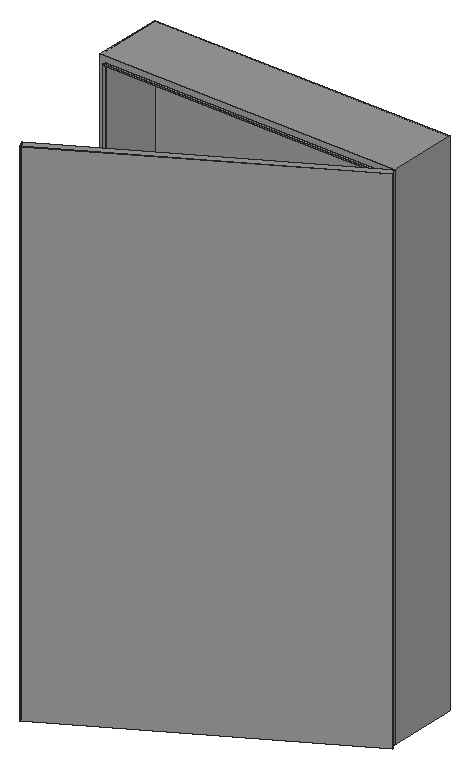
Revit family "Hager-Univers-IP44-D205-H1400-Cl.II-Encl-NoHosted-PT-pt", category Electrical Equipment, Revit 2020
Family settings
  Panel Configuration = Two Columns, Circuits Across
  Round Connector Dimension = Use Diameter
  Part Type = Panelboard
  Work Plane-Based = Yes
  Always vertical = Yes
  Cut with Voids When Loaded = No
  Shared = No
  Room Calculation Point = No
Parameters (values of type "Montagem em superfície (gesso) IP44 L800 A1400 P205  - FP93SN2")
  Width Control [instance] = if([EF000008 - Largura] > Min Width, [EF000008 - Largura], Min Width)  # 800 mm
  Type Comments = [HG000003 - Gama]  # "Univers"
  Thickness Door [instance] = if([EF009171 - Espessura do material da porta/tampa] > 3 mm, 3 mm, [EF009171 - Espessura do material da porta/tampa])  # 1 mm
  Seal Frame Offset [instance] = 17 mm  # constant formula
  Plinth Visibility [instance] = [HG000027 - Altura da Plinta] > 0 mm  # no
  Min Width [instance] = 100 mm  # constant formula
  Min Depth [instance] = (2 * [EF009170 - Espessura do material do invólucro]) + 1 mm  # 3 mm
  Min Height [instance] = 100 mm  # constant formula
  Internal Frame Depth [instance] = (Door System Depth * 0.5)  # 9 mm
  Panel Name [instance] = ""  # (empty or 0)
  Model = ""
  HG000027 - Altura da Plinta = 0 mm
  HG000026 - Instalação no chão = no
  HG000024 - Altura da secção inferior = 600 mm
  HG000023 - Recinto de secção dupla = no
  HG000016 - Visibilidade da porta 3D [instance] = yes
  HG000015 - Visibilidade através da porta [instance] = no
  HG000014 - Porta à direita [instance] = yes
  HG000013 - Porta à esquerda [instance] = not([HG000014 - Porta à direita])  # no
  HG000012 - Ângulo de abertura de porta [instance] = 30.00°
  HG000010 - Portas assimétricas = no
  HG000009 - Porta dupla = no
  HG000006 - Encastrado = no
  HG000004 - Referência do Fabricante = "FP93SN2"
  HG000003 - Gama = "Univers"
  HG000002 - Com porta ou tampa = yes
  Frame Offset Bottom [instance] = 10 mm  # constant formula
  Frame Offset [instance] = 15 mm  # constant formula
  EF015940 - Tampa com libertação de sobrepressão = no
  EF011959 - Grau de proteção (NEMA) = ""
  EF009554 - Número de aberturas para placas de flange = 6
  EF009212 - Tipo de tampa = "EV000116 - Fechado"
  EF009171 - Espessura do material da porta/tampa = 1 mm
  EF009170 - Espessura do material do invólucro = 1 mm
  EF008873 - Corrente nominal (In) = 250 A
  EF007800 - Adequado para proteção contra raios = no
  EF006306 - Com fecho = no
  EF006244 - Tampa/porta transparente = no
  EF005474 - Grau de proteção (IP) = "EV006418 - IP44"
  EF004464 - Tipo de porta = "EV002646 - Único"
  EF004427 - Número de módulos = 324
  EF004293 - Força de impacto = "EV006815 - IK09"
  EF003532 - Adequado para uso no exterior = no
  EF002950 - Largura em número de módulos = 36
  EF001613 - Integridade do circuito = "EV000494 - Nenhum"
  EF001596 - Material do corpo = "EV000179 - Aço"
  EF001131 - Profundidade interior = 143 mm
  EF001088 - Extensão possível = yes
  EF000437 - Número de entradas de condutores = 6
  EF000339 - Tipo de difusor = "EV001012 - Tampa"
  EF000266 - Número de linhas = 9
  EF000218 - Profundidade incorporada = 205 mm
  EF000118 - Com tampa de montagem = no
  EF000116 - Número RAL = "9010"
  EF000049 - Profundidade = 205 mm
  EF000040 - Altura = 1400 mm
  EF000008 - Largura = 800 mm
  EF000007 - Cor = "EV000202 - Branco"
  EF000003 - Método de montagem = "EV000384 - Montagem em superfície (gesso)"
  Door System Leaf Tolerance [instance] = 1.5 mm  # constant formula
  Door System Depth [instance] = 18 mm  # constant formula
  Door Height [instance] = Height Control - [HG000027 - Altura da Plinta]  # 1400 mm
  Description = ""
  Default Elevation = 1219.2 mm
  Connector Offset [instance] = Height Control / 2  # 700 mm
  Manufacturer = "Hager"  # constant formula
  Height Control [instance] = if([EF000040 - Altura] > Min Height, [EF000040 - Altura], Min Height)  # 1400 mm
  Depth Control [instance] = if([EF000049 - Profundidade] > Min Depth, [EF000049 - Profundidade], Min Depth)  # 205 mm
  Bottom Top Plate Trim [instance] = 1.5 mm  # constant formula
  Plinth height Ctrl [instance] = if([HG000027 - Altura da Plinta] > 0 mm, [HG000027 - Altura da Plinta], 12 mm)  # 12 mm
Types (5, lengths in mm): name | Width Control | HG000010 - Portas assimétricas | HG000009 - Porta dupla | HG000004 - Referência do Fabricante | EF009554 - Número de aberturas para placas de flange | EF004464 - Tipo de porta | EF004427 - Número de módulos | EF002950 - Largura em número de módulos | EF001131 - Profundidade interior | EF000437 - Número de entradas de condutores | EF000339 - Tipo de difusor | EF000008 - Largura
  Montagem em superfície (gesso) IP44 L1050 A1400 P205  - FP94SN2 | 1050 | no | yes | "FP94SN2" | 8 | "EV003602 - Duplo" | 432 | 48 | 143 | 8 | "EV001012 - Tampa" | 1050
  Montagem em superfície (gesso) IP44 L1300 A1400 P205  - FP95SN2 | 1300 | yes | yes | "FP95SN2" | 10 | "EV003602 - Duplo" | 540 | 60 | 130 | 10 | "EV004216 - Porta" | 1300
  Montagem em superfície (gesso) IP44 L300 A1400 P205  - FP91SN2 | 300 | no | no | "FP91SN2" | 2 | "EV002646 - Único" | 108 | 12 | 143 | 2 | "EV001012 - Tampa" | 300
  Montagem em superfície (gesso) IP44 L550 A1400 P205  - FP92SN2 | 550 | no | no | "FP92SN2" | 4 | "EV002646 - Único" | 216 | 24 | 143 | 4 | "EV001012 - Tampa" | 550
  Montagem em superfície (gesso) IP44 L800 A1400 P205  - FP93SN2 | 800 | no | no | "FP93SN2" | 6 | "EV002646 - Único" | 324 | 36 | 143 | 6 | "EV001012 - Tampa" | 800
Reference planes
  plane 1 "Center (Front/Back)": y = 0
  plane 2: z = 0
  plane 3 "Center (Left/Right)": x = 0
  plane 4: y = 0
  plane 5: y = 0
  plane 6: z = 0
  plane 7: x = -400
  plane 8: x = 400
  plane 9: x = 399
  plane 10: x = -399
  plane 11: z = 0
  plane 12: z = 1
  plane 13: y = -205
  plane 14: y = -1
  plane 15: x = 0
  plane 16: y = -187
  plane 17: y = -204
  plane 18: y = -186
  plane 19: x = -384
  plane 20: x = 384
  plane 21: z = 11
  plane 22: x = -383
  plane 23: x = 383
  plane 24: z = 0
  plane 25: z = 1400
  plane 26: z = 1400
  plane 27: z = 1384
  plane 28: z = 1399
Forms (mm)
  Extrusion 1, solid, material "Hager_Steel_RAL7035_Light_Grey", detail levels medium+fine
    sketch origin (-208.679, -4572, 0) x (-1, 0, 0) y (0, -1, 0)
      loop
        line (191.321, -4385) -> (-608.679, -4385) -> (-608.679, -4572) -> (191.321, -4572) -> (191.321, -4385)
    from 0 to 1400
  Extrusion 2, void
    sketch origin (-350.771, -205, 1219.2) x (1, 0, 0) y (0, 0, 1)
      loop
        line (-48.229, 179.8) -> (-48.229, -1218.2) -> (749.771, -1218.2) -> (749.771, 179.8) -> (-48.229, 179.8)
    from -19 to -204
  Extrusion 3, void
    sketch origin (-290.084, -187, 1219.2) x (1, 0, 0) y (0, 0, 1)
      loop
        line (-93.916, -1208.2) -> (674.084, -1208.2) -> (674.084, 164.8) -> (-93.916, 164.8) -> (-93.916, -1208.2)
    from 0 to -1
  Extrusion 4, solid, material "Hager_Steel_RAL7035_Light_Grey", visible <- "Plinth Visibility", detail levels medium+fine
    sketch origin (0, 0, 0) x (1, 0, 0) y (0, 1, 0)
      loop
        line (-400, 0) -> (-400, -187) -> (400, -187) -> (400, 0) -> (-400, 0)
    from 0 to 12 <- "Plinth height Ctrl"
  Extrusion 5, solid, material "Hager_Steel_RAL7035_Light_Grey", detail levels coarse
    sketch origin (0, 0, 0) x (1, 0, 0) y (0, 1, 0)
      loop
        line (-400, 0) -> (-400, -205) -> (400, -205) -> (400, 0) -> (-400, 0)
    from 0 to 1400 <- "Height Control"
  Sweep 6, void
    path in 3D
      loop
        line (-400, -187, 12) -> (400, -187, 12) -> (400, 0, 12) -> (-400, 0, 12) -> (-400, -187, 12)
    profile origin (-400, -93.5, 12) x (1, 0, 0) y (0, 0, 1)
      loop
        line (0, 0) -> (0, -1.5) -> (1.5, -1.5)
        arc (1.5, -1.5) -> (1.061, -0.439) -> (0, 0) r 1.5
  Extrusion 7, solid, material "Hager_Steel_RAL7035_Light_Grey", detail levels fine
    sketch origin (-400, -187, 0) x (1, 0, 0) y (0, 0, 1)
      loop
        line (16, 11) -> (784, 11) -> (784, 1384) -> (16, 1384) -> (16, 11)
      loop
        line (15, 10) -> (785, 10) -> (785, 1385) -> (15, 1385) -> (15, 10)
    from 0 to 9 <- "Internal Frame Depth"
Cuts and joins
  Extrusion 2, Extrusion 3 cuts Extrusion 1
  Sweep 6 cuts Extrusion 4
Lines and regions (mm)
  Masking region 1
    outline origin (0, 0, 0) x (1, 0, 0) y (0, 1, 0)
      loop
        line (-400, 0) -> (-400, -205) -> (400, -205) -> (400, 0) -> (-400, 0)
  Masking region 2, detail levels coarse
    outline origin (-290.084, -187, 1219.2) x (-1, 0, 0) y (0, 0, 1)
      loop
        line (-690.084, -1219.2) -> (109.916, -1219.2) -> (109.916, 180.8) -> (-690.084, 180.8) -> (-690.084, -1219.2)
  Masking region 3, detail levels coarse
    outline origin (0, 0, 0) x (0, 1, 0) y (0, 0, 1)
      loop
        line (0, 0) -> (0, 1400) -> (-205, 1400) -> (-205, 0) -> (0, 0)
  Masking region 4, visible <- "Plinth Visibility", detail levels medium+fine
    outline origin (0, 0, 0) x (0, 1, 0) y (0, 0, 1)
      loop
        line (-1.5, 12) -> (-185.5, 12)
        arc (-185.5, 12) -> (-185.939, 10.939) -> (-187, 10.5) r 1.5
        line (-187, 10.5) -> (-187, 0) -> (0, 0) -> (0, 10.5)
        arc (0, 10.5) -> (-1.061, 10.939) -> (-1.5, 12) r 1.5
  Masking region 5, detail levels medium+fine
    outline origin (0, 0, 594.038) x (0, 1, 0) y (0, 0, 1)
      loop
        line (0, -594.038) -> (0, 805.962) -> (-187, 805.962) -> (-187, -594.038) -> (0, -594.038)
  Masking region 6, detail levels medium+fine
    outline origin (-359.7, -187, 1211.883) x (-1, 0, 0) y (0, 0, 1)
      loop
        line (-759.7, -1211.883) -> (40.3, -1211.883) -> (40.3, 188.117) -> (-759.7, 188.117) -> (-759.7, -1211.883)
  Masking region 7, visible <- "Plinth Visibility", detail levels medium+fine
    outline origin (-320.334, -187, 1041.368) x (-1, 0, 0) y (0, 0, 1)
      loop
        line (-720.334, -1041.368) -> (79.666, -1041.368) -> (79.666, -1030.868)
        arc (79.666, -1030.868) -> (78.606, -1030.429) -> (78.166, -1029.368) r 1.5
        line (78.166, -1029.368) -> (-718.834, -1029.368)
        arc (-718.834, -1029.368) -> (-719.273, -1030.429) -> (-720.334, -1030.868) r 1.5
        line (-720.334, -1030.868) -> (-720.334, -1041.368)
  sketch lines
    curve 1: line (-400, 0, 12) -> (-400, -187, 12)
    curve 2: line (-400, -187, 12) -> (400, -187, 12)
    curve 3: line (400, 0, 12) -> (-400, 0, 12)
    curve 4: line (400, -187, 12) -> (400, 0, 12)
Dimensions and locks
  locked: plane 1 "Center (Front/Back)" to plane 5
  "EF009170 - Espessura do material do invólucro": plane 7 to plane 10
  "EF009170 - Espessura do material do invólucro": plane 8 to plane 9
  equal spacing: plane 7, plane 3 "Center (Left/Right)", plane 8
  "Width Control": plane 7 to plane 8
  "Depth Control": plane 4 to plane 13
  "EF009170 - Espessura do material do invólucro": plane 4 to plane 14
  "Height Control": plane 25 to level
  "HG000027 - Altura da Plinta": plane 11 to level
  "EF009170 - Espessura do material do invólucro": plane 12 to plane 11
  "EF009170 - Espessura do material do invólucro": plane 17 to plane 13
  "EF009170 - Espessura do material do invólucro": plane 18 to plane 16
  "Frame Offset Bottom": plane 21 to plane 12
  "Frame Offset": plane 10 to plane 19
  "Frame Offset": plane 9 to plane 20
  "Door System Depth": plane 16 to plane 13
  "Seal Frame Offset": plane 7 to plane 22
  "Seal Frame Offset": plane 8 to plane 23
  "EF009170 - Espessura do material do invólucro": plane 26 to plane 28
  "Frame Offset": plane 28 to plane 27
  "Connector Offset": plane 2 to connector elem
  "Bottom Top Plate Trim": profile plane to Sweep 6 sketch curve
  "Bottom Top Plate Trim": Sweep 6 sketch curve to Sweep 6 sketch curve
  "Plinth height Ctrl": Masking region 4 sketch curve to level
  "Plinth height Ctrl": Masking region 7 sketch curve to level
  "Thickness Door": Extrusion 7 sketch curve to Extrusion 7 sketch curve  (x4)
  "Bottom Top Plate Trim": radius of Sweep 6 sketch curve
  "Bottom Top Plate Trim": radius of Masking region 4 sketch curve  (x2)
  "Bottom Top Plate Trim": radius of Masking region 7 sketch curve  (x2)
  aligned and locked: Extrusion 2 sketch curve to plane 12
  aligned and locked: Extrusion 2 sketch curve to plane 9
  aligned and locked: Extrusion 2 sketch curve to plane 10
  aligned and locked: Extrusion 2 to plane 14
  aligned and locked: Extrusion 1 sketch curve to plane 4
  aligned and locked: plane 8 to Extrusion 1 sketch curve
  aligned and locked: plane 7 to Extrusion 1 sketch curve
  aligned and locked: Extrusion 2 to plane 18
  aligned and locked: Extrusion 3 sketch curve to plane 19
  aligned and locked: plane 20 to Extrusion 3 sketch curve
  aligned and locked: Extrusion 3 to Extrusion 2
  aligned and locked: Extrusion 3 sketch curve to plane 21
  aligned and locked: plane 3 "Center (Left/Right)" to nested 1
  aligned and locked: Extrusion 1 sketch curve to plane 16
  aligned and locked: Extrusion 4 sketch curve to cut or joined group of Extrusion 1, Extrusion 2, Extrusion 3
  aligned and locked: Masking region 1 sketch curve to plane 7
  aligned and locked: Masking region 1 sketch curve to plane 5
  aligned and locked: Masking region 1 sketch curve to plane 8
  aligned and locked: Masking region 2 sketch curve to level
  aligned and locked: level to Masking region 3 sketch curve
  aligned and locked: plane 1 "Center (Front/Back)" to Masking region 3 sketch curve
  aligned and locked: plane 13 to Masking region 3 sketch curve
  aligned and locked: plane 5 to Masking region 4 sketch curve
  aligned and locked: Masking region 2 sketch curve to plane 8
  aligned and locked: Masking region 2 sketch curve to plane 7
  aligned and locked: plane 7 to nested 2
  aligned and locked: nested 2 to plane 5
  aligned and locked: plane 5 to Masking region 5 sketch curve
  aligned and locked: plane 26 to Masking region 5 sketch curve
  aligned and locked: Extrusion 5 sketch curve to plane 8
  aligned and locked: Extrusion 5 sketch curve to plane 7
  aligned and locked: Extrusion 5 sketch curve to plane 5
  aligned and locked: Extrusion 3 sketch curve to plane 27
  aligned and locked: Extrusion 2 sketch curve to plane 28
  aligned and locked: Masking region 2 to plane 25
  aligned and locked: Extrusion 4 to plane 16
  aligned and locked: profile plane to Sweep 6 sketch curve
  aligned and locked: Masking region 5 sketch curve to plane 24
  aligned and locked: level to Masking region 4 sketch curve
  aligned and locked: Masking region 1 to plane 13
  aligned and locked: nested 1 to plane 16
  aligned and locked: Masking region 3 to plane 25
  aligned and locked: plane 16 to Masking region 4 sketch curve
  aligned and locked: Masking region 5 sketch curve to plane 16
  aligned and locked: plane 24 to plane 11
  aligned and locked: plane 26 to plane 25
  aligned and locked: plane 26 to cut or joined group of Extrusion 1, Extrusion 2, Extrusion 3
  aligned and locked: nested 1 to plane 24
  aligned and locked: Extrusion 1 to Extrusion 3
  aligned and locked: Masking region 6 sketch curve to plane 8
  aligned and locked: Masking region 6 sketch curve to plane 24
  aligned and locked: Masking region 6 sketch curve to plane 7
  aligned and locked: Masking region 6 sketch curve to plane 26
  aligned and locked: Masking region 7 sketch curve to plane 7
  aligned and locked: level to Masking region 7 sketch curve
  aligned and locked: Masking region 7 sketch curve to plane 8
  aligned and locked: Extrusion 7 sketch curve to cut or joined group of Extrusion 1, Extrusion 2, Extrusion 3  (x4)
Automatic sketch dimensions
  plane 19 to Extrusion 3 sketch curve = 0 mm
  Extrusion 3 sketch curve to plane 20 = 0 mm
  Extrusion 3 sketch curve to plane 21 = 0 mm
  Extrusion 4 sketch curve to plane 7 = 0 mm
  Extrusion 4 sketch curve to plane 8 = 0 mm
  Extrusion 4 sketch curve to plane 16 = 0 mm
  Masking region 1 sketch curve to plane 13 = 0 mm
  Masking region 2 sketch curve to plane 25 = 0 mm
  Masking region 3 sketch curve to plane 25 = 0 mm
  Extrusion 5 sketch curve to plane 13 = 0 mm
  profile plane to Sweep 6 sketch curve = 0 mm
Nested families
  nested 1: "EC000058_Univers_Door" at (0, -187, 0), Double <- "HG000009 - Porta dupla", Transparent <- "EF006244 - Tampa/porta transparente", Angle <- "HG000012 - Ângulo de abertura de porta", Door_Right <- "HG000014 - Porta à direita", Assymetrical <- "HG000010 - Portas assimétricas", Door <- "HG000002 - Com porta ou tampa", Width_Ctrl <- "Width Control", 3d_Door <- "HG000016 - Visibilidade da porta 3D", Clearance <- "HG000015 - Visibilidade através da porta", Door_Left <- "HG000013 - Porta à esquerda", Width <- "Width Control", Door_Depth <- "Door System Depth", Leaf_Tolerance <- "Door System Leaf Tolerance", Height <- "Door Height", Lock_Visibility <- "EF006306 - Com fecho", Thickness <- "Thickness Door", type "EC000058_Univers_Door", detail levels medium+fine
    with min_wh 3 mm, Width_Ctrl 800 mm, Width 800 mm, Transparent no, Thickness 1 mm, Seal_Material Hager_Rubber, Lock_Visibility no, Lock_Material Hager_Plastic_RAL9005_Jet_Black, Leaf_Width 800 mm, Leaf_Tolerance_External_Sides 0 mm, Leaf_Tolerance 1.5 mm, Leaf_Offset 0 mm, Leaf_Height 1397 mm, Leaf_2_Width 800 mm, Leaf_2_Offset 400 mm, Leaf_1_Width 800 mm, Leaf_1_Offset 400 mm, Height_Ctrl 1400 mm, Height 1400 mm, Glass_Material Hager_Glass, Double_Clearance_Ctrl no, Double no, Door_Right_Ctrl yes, Door_Right yes, Door_Material Hager_Steel_RAL7035_Light_Grey, Door_Left_Ctrl no, Door_Left no, Door_Depth 18 mm, Door yes, Clearance_Material Hager_Clearance, Clearance_Depth 800 mm, Clearance_Ctrl no, Clearance no, Assymetrical no, Angle 30.00°, 3d_Door yes
  nested 2: "Hager_Enclosure_Symbol" at (-400, 0, 0), Height <- "Depth Control", Width <- "Width Control", type "Hager_Enclosure_Symbol"
    with Width_Ctrl 800 mm, Width 800 mm, Height_Ctrl 205 mm, Height 205 mm, A_Width_Int 13.453 mm, A_Width 161.438 mm, A_Height_Ctrl 179.375 mm, A_Height 179.375 mm
Connectors
  electrical at (0, 0, 700)
    settings: on plane 1 "Center (Front/Back)", index 1, voltage 0 V, apparent load 0 VA, apparent load phase1 0 VA, apparent load phase2 0 VA, apparent load phase3 0 VA, power factor 1, load classification "Other", number of poles 1, system type 30, power factor state 1, is connector primary yes, connector utility no, sub classification motor no, connector description ""
Definition of nested family "EC000058_Univers_Door"
  Parameters (values of type "EC000058_Univers_Door")
    min_wh [instance] = (2 * Thickness) + 1 mm  # 11 mm
    Width_Ctrl [instance] = 400 mm
    Width [instance] = 500 mm
    Transparent [instance] = yes
    Thickness [instance] = 5 mm
    Seal_Material [instance] = none
    Lock_Visibility [instance] = yes
    Lock_Material [instance] = none
    Leaf_Width [instance] = if((Width_Ctrl - 2 * Leaf_Tolerance_External_Sides) > 0 mm, (Width_Ctrl - 2 * Leaf_Tolerance_External_Sides), min_wh)  # 400 mm
    Leaf_Tolerance_External_Sides [instance] = 0 mm  # constant formula
    Leaf_Tolerance [instance] = 1.5 mm
    Leaf_Offset [instance] = 0 mm  # constant formula
    Leaf_Height [instance] = if((Height_Ctrl - 2 * Leaf_Tolerance) > 0 mm, (Height_Ctrl - 2 * Leaf_Tolerance), min_wh)  # 497 mm
    Leaf_2_Width [instance] = if(and(and(Double, Assymetrical), Door_Left), (Leaf_Width / 3) - (Leaf_Tolerance / 2), if(and(and(Double, Assymetrical), Door_Right), (Leaf_Width / 3) * 2 - (Leaf_Tolerance / 2), if(and(Double, not(Assymetrical)), (Leaf_Width / 2) - Leaf_Tolerance, Leaf_Width)))  # 400 mm
    Leaf_2_Offset [instance] = if(and(Double, Assymetrical), Leaf_2_Width / 2, if(and(Double, not(Assymetrical)), Leaf_Width / 4, Leaf_Width / 2))  # 200 mm
    Leaf_1_Width [instance] = if(and(and(Double, Assymetrical), Door_Right), (Leaf_Width / 3) - (Leaf_Tolerance / 2), if(and(and(Double, Assymetrical), Door_Left), (Width / 3) * 2 - (Leaf_Tolerance / 2), if(and(Double, not(Assymetrical)), (Leaf_Width / 2) - Leaf_Tolerance, Leaf_Width)))  # 400 mm
    Leaf_1_Offset [instance] = if(and(Double, Assymetrical), Leaf_1_Width / 2, if(and(Double, not(Assymetrical)), Leaf_Width / 4, Leaf_Width / 2))  # 200 mm
    Height_Ctrl [instance] = if(Height > min_wh, Height, min_wh)  # 500 mm
    Height [instance] = 500 mm
    Glass_Material [instance] = none
    Double_Clearance_Ctrl [instance] = and(Double, Clearance)  # no
    Double [instance] = no
    Door_Right_Ctrl [instance] = and(or(Door_Right, Double), Door)  # yes
    Door_Right [instance] = yes
    Door_Material [instance] = none
    Door_Left_Ctrl [instance] = and(or(Door_Left, Double), Door)  # no
    Door_Left [instance] = no
    Door_Depth [instance] = 30 mm
    Door [instance] = yes
    Default Elevation = 1219.2 mm
    Clearance_Material [instance] = none
    Clearance_Depth [instance] = if(Leaf_1_Width > Leaf_2_Width, Leaf_1_Width, Leaf_2_Width)  # 400 mm
    Clearance_Ctrl [instance] = and(not(Double), Clearance)  # yes
    Clearance [instance] = yes
    Assymetrical [instance] = yes
    Angle [instance] = 30.00°
    3d_Door [instance] = yes
  Reference planes
    plane 1 "Center (Front/Back)": y = 0
    plane 2 "Bottom": z = 0
    plane 3 "Center (Left/Right)": x = 0
    plane 4: z = 500
    plane 5: x = -200
    plane 6: x = 200
    plane 7: z = 500
    plane 8: x = -200
    plane 9: z = 0
    plane 10: x = 200
    plane 11: y = 0
    plane 12: z = 1.5
    plane 13: x = -600
    plane 14: y = -400
    plane 15: x = 600
    plane 16: x = 0
    plane 17: x = 0
    plane 18: x = -200
    plane 19: x = 200
    plane 20: z = 498.5
  Forms (mm)
    Extrusion 1, solid, material <- "Clearance_Material", visible <- "Double_Clearance_Ctrl"
      sketch origin (1200, 0, 0) x (1, 0, 0) y (0, 0, -1)
        loop
          line (-1800, -498.5) -> (-600, -498.5) -> (-600, 0) -> (-1800, 0) -> (-1800, -498.5)
      from 0 to -400
  Dimensions and locks
    equal spacing: plane 5, plane 3 "Center (Left/Right)", plane 6
    "Width_Ctrl": plane 5 to plane 6
    "Leaf_Offset": plane 5 to plane 8
    "Leaf_Offset": plane 6 to plane 10
    "Leaf_Offset": plane 9 to level
    "Leaf_Offset": plane 4 to plane 7
    "Height_Ctrl": plane 4 to level
    "Leaf_Tolerance": plane 12 to plane 9
    locked: plane 11 to plane 1 "Center (Front/Back)"
    "Leaf_1_Offset": plane 18 to plane 16
    "Leaf_2_Offset": plane 17 to plane 19
    "Leaf_1_Width": plane 13 to plane 8
    "Leaf_2_Width": plane 10 to plane 15
    "Clearance_Depth": plane 14 to plane 1 "Center (Front/Back)"
    "Leaf_Tolerance_External_Sides": plane 8 to plane 18
    "Leaf_Tolerance_External_Sides": plane 19 to plane 10
    "Leaf_Tolerance": plane 7 to plane 20
    aligned and locked: level to plane 2 "Bottom"
    aligned and locked: nested 1 to plane 16
    aligned and locked: nested 2 to plane 17
    aligned and locked: Extrusion 1 to plane 13
    aligned and locked: plane 15 to Extrusion 1
    aligned and locked: Extrusion 1 to plane 14
    aligned and locked: plane 12 to nested 1
    aligned and locked: nested 2 to plane 12
    aligned and locked: Extrusion 1 to plane 11
    aligned and locked: plane 20 to Extrusion 1
    aligned and locked: nested 2 to plane 11
    aligned and locked: nested 1 to plane 11
  Automatic sketch dimensions
    Extrusion 1 sketch curve to level = 0 mm
    plane 5 to Extrusion 1 sketch curve = 400 mm
    plane 6 to Extrusion 1 sketch curve = 400 mm
    Extrusion 1 sketch curve to plane 4 = 1.5 mm
  Nested families
    nested 1: "EC000058_Univers_Door_Leaf" at (0, 0, 1.5), Width <- "Leaf_1_Width", visible <- "Door_Left_Ctrl", Leaf_Height <- "Leaf_Height", Angle <- "Angle", 3d_Door <- "3d_Door", Transparent <- "Transparent", Clearance Material <- "Clearance_Material", Clearance <- "Clearance_Ctrl", Door_Material <- "Door_Material", Glass_Material <- "Glass_Material", Door_Depth <- "Door_Depth", Lock_Material <- "Lock_Material", Seal_Material <- "Seal_Material", Lock_Visibility <- "Lock_Visibility", Thickness <- "Thickness", type "EC000058_Univers_Door_Leaf"
      with Width 400 mm, Transparent_Glass_Offset 30 mm, Transparent_Ctrl yes, Transparent yes, Thickness 5 mm, Standard no, Seal_Material none, Seal_D2 8 mm, Seal_D1 1 mm, Offset_Internal_Frame 10 mm, Lock_Width 20 mm, Lock_Visibility_3d yes, Lock_Visibility yes, Lock_Thickness_3 3 mm, Lock_Thickness_2 1 mm, Lock_Thickness_1 3 mm, Lock_Radius_Offset_2 16 mm, Lock_Radius_Offset_1 15 mm, Lock_Radius_2 5 mm, Lock_Radius 6 mm, Lock_Offset 5 mm, Lock_Material none, Lock_Height 80 mm, Lock_Cover_Top_Offset_2d 17 mm, Lock_Cover_Height -65 mm, Leaf_Height 497 mm, Internal_Seal_Thickness 8 mm, Internal_Seal_Depth_2 4.5 mm, Internal_Frame_Depth 25 mm, Glass_Thickness -1 mm, Glass_Offset -2 mm, Glass_Material none, Door_Material none, Door_Depth 30 mm, Clearance Material none, Clearance yes, Angle_Ctrl 30.00°, Angle 30.00°, 3d_Door yes
    nested 2: "EC000058_Univers_Door_Leaf" at (0, 0, 1.5) x (-1, 0, 0) z (0, 0, 1), Width <- "Leaf_2_Width", visible <- "Door_Right_Ctrl", Leaf_Height <- "Leaf_Height", Angle <- "Angle", 3d_Door <- "3d_Door", Transparent <- "Transparent", Clearance Material <- "Clearance_Material", Clearance <- "Clearance_Ctrl", Door_Material <- "Door_Material", Glass_Material <- "Glass_Material", Door_Depth <- "Door_Depth", Lock_Material <- "Lock_Material", Seal_Material <- "Seal_Material", Lock_Visibility <- "Lock_Visibility", Thickness <- "Thickness", type "EC000058_Univers_Door_Leaf"
      with Width 400 mm, Transparent_Glass_Offset 30 mm, Transparent_Ctrl yes, Transparent yes, Thickness 5 mm, Standard no, Seal_Material none, Seal_D2 8 mm, Seal_D1 1 mm, Offset_Internal_Frame 10 mm, Lock_Width 20 mm, Lock_Visibility_3d yes, Lock_Visibility yes, Lock_Thickness_3 3 mm, Lock_Thickness_2 1 mm, Lock_Thickness_1 3 mm, Lock_Radius_Offset_2 16 mm, Lock_Radius_Offset_1 15 mm, Lock_Radius_2 5 mm, Lock_Radius 6 mm, Lock_Offset 5 mm, Lock_Material none, Lock_Height 80 mm, Lock_Cover_Top_Offset_2d 17 mm, Lock_Cover_Height -65 mm, Leaf_Height 497 mm, Internal_Seal_Thickness 8 mm, Internal_Seal_Depth_2 4.5 mm, Internal_Frame_Depth 25 mm, Glass_Thickness -1 mm, Glass_Offset -2 mm, Glass_Material none, Door_Material none, Door_Depth 30 mm, Clearance Material none, Clearance yes, Angle_Ctrl 30.00°, Angle 30.00°, 3d_Door yes
  Definition of nested family "EC000058_Univers_Door_Leaf"
    Parameters (values of type "EC000058_Univers_Door_Leaf")
      Width [instance] = 2000 mm
      Transparent_Glass_Offset [instance] = 30 mm
      Transparent_Ctrl [instance] = and(Transparent, [3d_Door])  # yes
      Transparent [instance] = yes
      Thickness [instance] = 5 mm
      Standard [instance] = and(not(Transparent), [3d_Door])  # no
      Seal_Material [instance] = none
      Seal_D2 [instance] = 8 mm  # constant formula
      Seal_D1 [instance] = 1 mm  # constant formula
      Offset_Internal_Frame [instance] = 10 mm  # constant formula
      Lock_Width [instance] = 20 mm  # constant formula
      Lock_Visibility_3d [instance] = and(Lock_Visibility, [3d_Door])  # yes
      Lock_Visibility [instance] = yes
      Lock_Thickness_3 [instance] = 3 mm  # constant formula
      Lock_Thickness_2 [instance] = 1 mm  # constant formula
      Lock_Thickness_1 [instance] = 3 mm  # constant formula
      Lock_Radius_Offset_2 [instance] = Lock_Radius_Offset_1 + 1 mm  # 16 mm
      Lock_Radius_Offset_1 [instance] = 15 mm  # constant formula
      Lock_Radius_2 [instance] = Lock_Radius - 1 mm  # 5 mm
      Lock_Radius [instance] = 6 mm  # constant formula
      Lock_Offset [instance] = 5 mm  # constant formula
      Lock_Material [instance] = none
      Lock_Height [instance] = 80 mm  # constant formula
      Lock_Cover_Top_Offset_2d [instance] = Lock_Radius_Offset_2 + 1 mm  # 17 mm
      Lock_Cover_Height [instance] = -(Lock_Height - Lock_Radius_Offset_1)  # -65 mm
      Leaf_Height [instance] = 2720.336 mm
      Internal_Seal_Thickness [instance] = 8 mm  # constant formula
      Internal_Seal_Depth_2 [instance] = 4.5 mm  # constant formula
      Internal_Frame_Depth [instance] = if(Door_Depth - Thickness > 5 mm, Door_Depth - Thickness, 5 mm)  # 25 mm
      Glass_Thickness [instance] = if(Thickness > 15 mm, Glass_Offset + 10 mm, -1 mm)  # -1 mm
      Glass_Offset [instance] = if(Thickness > 15 mm, -(Thickness + 10 mm) / 2, -2 mm)  # -2 mm
      Glass_Material [instance] = none
      Door_Material [instance] = none
      Door_Depth [instance] = 30 mm
      Default Elevation = 0 mm
      Clearance Material [instance] = none
      Clearance [instance] = yes
      Angle_Ctrl [instance] = if(Angle > 180.00°, 180.00°, Angle)  # 90.00°
      Angle [instance] = 90.00°
      3d_Door [instance] = yes
    Reference planes
      plane 1 "Center (Front/Back)": y = 0
      plane 2: z = 0
      plane 3 "Center (Left/Right)": x = 0
      plane 4: y = 2000
      plane 5: x = -1000
      plane 6: x = 1000
      plane 7: x = -3000
      plane 8: z = 2720.336
      plane 9: z = 30
      plane 10: z = 2690.336
      plane 11: x = 970
      plane 12: x = -970
      plane 13: y = -3
      plane 14: z = 107.833
      plane 15: y = -5
      plane 16: y = -223.314
      plane 17: x = -1000
      plane 18: z = 1360.168
      plane 19: y = 30
    Forms (mm)
      Extrusion 1, solid, material <- "Clearance Material", visible <- "Clearance"
        sketch origin (0, 0, 0) x (1, 0, 0) y (0, 0, 1)
          loop
            line (-3000, 2720.336) -> (-3000, 0) -> (1000, 0) -> (1000, 2720.336) -> (-3000, 2720.336)
        from 0 to -2000
      Extrusion 2, solid, material <- "Door_Material", visible <- "Standard", detail levels medium+fine
        sketch origin (-1000, 0, 0) x (0, 1, 0) y (-1, 0, 0)
          loop
            line (0, 30) -> (0, 25) -> (2000, 25) -> (2000, 30) -> (0, 30)
        from 0 to 2720.336 <- "Leaf_Height"
      Extrusion 3, solid, material <- "Door_Material", visible <- "Transparent_Ctrl", detail levels medium+fine
        sketch origin (-1000, 0, 0) x (0, 1, 0) y (-1, 0, 0)
          loop
            line (0, 25) -> (2000, 25) -> (2000, 30) -> (0, 30) -> (0, 25)
        from 0 to 2720.336 <- "Leaf_Height"
      Extrusion 4, void
        sketch origin (-1025, 2000, 0) x (0, 1, 0) y (0, 0, -1)
          loop
            line (-30, -2690.336) -> (-30, -30) -> (-1970, -30) -> (-1970, -2690.336) -> (-30, -2690.336)
        from 0 to 5 <- "Thickness"
      Sweep 5, solid, material <- "Seal_Material", visible <- "Transparent_Ctrl", detail levels fine
        path in 3D
          loop
            line (-1025, 30, 30) -> (-1025, 30, 2690.336) -> (-1025, 1970, 2690.336) -> (-1025, 1970, 30) -> (-1025, 30, 30)
        profile origin (-1025, 1000, 30) x (1, 0, 0) y (0, 0, 1)
          loop
            line (0, 0) -> (0, -8) -> (1, -8) -> (1, 0) -> (0, 0)
      Extrusion 6, solid, material <- "Glass_Material", visible <- "Transparent_Ctrl", detail levels medium+fine
        sketch origin (-1030, 0, 0) x (0, 1, 0) y (0, 0, -1)
          loop
            line (1970, -2690.336) -> (1970, -30) -> (30, -30) -> (30, -2690.336) -> (1970, -2690.336)
        from -2 <- "Glass_Offset" to -1 <- "Glass_Thickness"
      Extrusion 7, solid, material <- "Door_Material", visible <- "3d_Door", detail levels medium+fine
        sketch origin (-1025, 2000, 0) x (0, -1, 0) y (0, 0, -1)
          loop
            line (0, -2720.336) -> (2000, -2720.336) -> (2000, 0) -> (0, 0) -> (0, -2720.336)
          loop
            line (1995, -5) -> (5, -5) -> (5, -2715.336) -> (1995, -2715.336) -> (1995, -5)
        from 0 to 25 <- "Internal_Frame_Depth"
      Sweep 8, solid, material <- "Seal_Material", visible <- "Transparent_Ctrl", detail levels fine
        path in 3D
          loop
            line (-1025, 0, 0) -> (-1025, 2000, 0) -> (-1025, 2000, 2720.336) -> (-1025, 0, 2720.336) -> (-1025, 0, 0)
        profile origin (-1025, 0, 1360.168) x (1, 0, 0) y (0, 1, 0)
          loop
            line (0, 10) -> (2.975, 10)
            arc (2.975, 10) -> (4.053, 10.447) -> (4.5, 11.525) r 1.525
            line (4.5, 11.525) -> (4.5, 16.527)
            arc (4.5, 16.527) -> (4.069, 17.569) -> (3.027, 18) r 1.473
            line (3.027, 18) -> (0, 18) -> (0, 10)
      Extrusion 9, solid, material <- "Lock_Material", visible <- "Lock_Visibility_3d", detail levels fine
        sketch origin (-1030, 0, 0) x (0, 1, 0) y (0, 0, -1)
          loop
            arc (1993.5, -1400.168) -> (1994.561, -1399.729) -> (1995, -1398.668) r 1.5
            line (1995, -1398.668) -> (1995, -1320.168) -> (1975, -1320.168) -> (1975, -1398.668)
            arc (1975, -1398.668) -> (1975.439, -1399.729) -> (1976.5, -1400.168) r 1.5
            line (1976.5, -1400.168) -> (1993.5, -1400.168)
        from 3 <- "Lock_Thickness_1" to 0
      Blend 10, solid, material <- "Lock_Material", visible <- "Lock_Visibility_3d", detail levels fine
        base sketch origin (-1033, 0, 0) x (0, 1, 0) y (0, 0, -1)
          loop
            line (1975, -1320.168) -> (1975, -1398.668)
            arc (1975, -1398.668) -> (1975.439, -1399.729) -> (1976.5, -1400.168) r 1.5
            line (1976.5, -1400.168) -> (1993.5, -1400.168)
            arc (1993.5, -1400.168) -> (1994.561, -1399.729) -> (1995, -1398.668) r 1.5
            line (1995, -1398.668) -> (1995, -1320.168) -> (1975, -1320.168)
        top sketch origin (-1033, 0, 0) x (0, 1, 0) y (0, 0, -1)
          loop
            line (1976, -1320.168) -> (1976, -1398.668)
            arc (1976, -1398.668) -> (1976.146, -1399.022) -> (1976.5, -1399.168) r 0.5
            line (1976.5, -1399.168) -> (1993.5, -1399.168)
            arc (1993.5, -1399.168) -> (1993.854, -1399.022) -> (1994, -1398.668) r 0.5
            line (1994, -1398.668) -> (1994, -1320.168) -> (1976, -1320.168)
        from 0 to 1 <- "Lock_Thickness_2"
      Blend 11, solid, material <- "Lock_Material", visible <- "Lock_Visibility_3d", detail levels fine
        base sketch origin (-1034, 0, 0) x (0, 1, 0) y (0, 0, -1)
          loop
            line (1978, -1320.168) -> (1978, -1384.168)
            arc (1978, -1384.168) -> (1985, -1391.168) -> (1992, -1384.168) r 7
            line (1992, -1384.168) -> (1992, -1320.168) -> (1978, -1320.168)
        top sketch origin (-1034, 0, 0) x (0, 1, 0) y (0, 0, -1)
          loop
            line (1991, -1320.168) -> (1979, -1320.168) -> (1979, -1383.168)
            arc (1979, -1383.168) -> (1985, -1389.168) -> (1991, -1383.168) r 6
            line (1991, -1383.168) -> (1991, -1320.168)
        from 0 to 3 <- "Lock_Thickness_3"
      Extrusion 12, solid, material <- "Lock_Material", visible <- "Lock_Visibility_3d", detail levels fine
        sketch origin (-1030, 1975, 1320.168) x (1, 0, 0) y (0, -1, 0)
          loop
            line (-7, -19) -> (-7, -1) -> (0, -1) -> (0, 0) -> (-8, 0) -> (-8, -20) -> (0, -20) -> (0, -19) -> (-7, -19)
        from 0 to -65 <- "Lock_Cover_Height"
      Extrusion 13, void
        sketch origin (-1038, 1995, 1320.168) x (-1, 0, 0) y (0, 0, -1)
          loop
            line (-5, -65) -> (0, -65) -> (-5, -60) -> (-5, -65)
        from 0 to 20 <- "Lock_Width"
      Extrusion 14, void
        sketch origin (-1038, 1975, 1320.168) x (0, -1, 0) y (0, 0, -1)
          loop
            circle (-10, -15.995) r 6
          loop
            circle (-10, -15.995) r 5
        from 0 to 2
      Extrusion 15, solid, material <- "Lock_Material", visible <- "Lock_Visibility_3d", detail levels medium
        sketch origin (-1030, 0, 0) x (0, 1, 0) y (0, 0, -1)
          loop
            arc (1993.5, -1400.168) -> (1994.561, -1399.729) -> (1995, -1398.668) r 1.5
            line (1995, -1398.668) -> (1995, -1320.168) -> (1975, -1320.168) -> (1975, -1398.668)
            arc (1975, -1398.668) -> (1975.439, -1399.729) -> (1976.5, -1400.168) r 1.5
            line (1976.5, -1400.168) -> (1993.5, -1400.168)
        from 8 to 0
    Cuts and joins
      Extrusion 4 cuts Extrusion 3
      Extrusion 13, Extrusion 14 cuts Extrusion 9
      Extrusion 14 cuts Blend 11
      Extrusion 13, Extrusion 14 cuts Extrusion 12
      joined: Extrusion 9, Blend 10, Blend 11, Extrusion 12
      Extrusion 14 cuts Extrusion 15
    Lines and regions (mm)
      Masking region 1, visible <- "Lock_Visibility", detail levels fine
        outline origin (0, 0, 0) x (0, 1, 0) y (0, 0, 1)
          loop
            line (30, 1320.168) -> (33, 1320.168) -> (33, 1400.168) -> (30, 1400.168) -> (30, 1320.168)
      Masking region 2, visible <- "Lock_Visibility", detail levels fine
        outline origin (0, 3.143, 0) x (0, 1, 0) y (0, 0, 1)
          loop
            line (29.857, 1354.168) -> (30.857, 1354.168) -> (30.857, 1366.168) -> (29.857, 1366.168) -> (29.857, 1354.168)
      Masking region 3, detail levels medium+fine
        outline origin (0, 0, 0) x (0, 1, 0) y (0, 0, 1)
          loop
            line (0, 0) -> (30, 0) -> (30, 2720.336) -> (0, 2720.336) -> (0, 0)
      Masking region 4, detail levels medium+fine
        outline origin (0, 0, 0) x (1, 0, 0) y (0, 0, 1)
          loop
            line (-1000, 2720.336) -> (-1000, 0) -> (1000, 0) -> (1000, 2720.336) -> (-1000, 2720.336)
      Masking region 5, visible <- "Lock_Visibility", detail levels fine
        outline origin (-47.116, 0, 0) x (1, 0, 0) y (0, 0, 1)
          loop
            arc (1024.616, 1399.168) -> (1023.556, 1398.729) -> (1023.116, 1397.668) r 1.5
            line (1023.116, 1397.668) -> (1023.116, 1320.168) -> (1041.116, 1320.168) -> (1041.116, 1397.668)
            arc (1041.116, 1397.668) -> (1040.677, 1398.729) -> (1039.616, 1399.168) r 1.5
            line (1039.616, 1399.168) -> (1024.616, 1399.168)
      Masking region 6, visible <- "Lock_Visibility", detail levels medium+fine
        outline origin (-25, 0, 0) x (1, 0, 0) y (0, 0, 1)
          loop
            arc (1001.5, 1400.168) -> (1000.439, 1399.729) -> (1000, 1398.668) r 1.5
            line (1000, 1398.668) -> (1000, 1320.168) -> (1020, 1320.168) -> (1020, 1398.668)
            arc (1020, 1398.668) -> (1019.561, 1399.729) -> (1018.5, 1400.168) r 1.5
            line (1018.5, 1400.168) -> (1001.5, 1400.168)
      Masking region 7, visible <- "Lock_Visibility", detail levels fine
        outline origin (-73.735, 0, 0) x (1, 0, 0) y (0, 0, 1)
          loop
            line (1051.735, 1382.168) -> (1065.735, 1382.168) -> (1065.735, 1384.168)
            arc (1065.735, 1384.168) -> (1058.735, 1391.168) -> (1051.735, 1384.168) r 7
            line (1051.735, 1384.168) -> (1051.735, 1382.168)
      Masking region 8, visible <- "Lock_Visibility", detail levels fine
        outline origin (-73.735, 0, 0) x (1, 0, 0) y (0, 0, 1)
          loop
            line (1052.735, 1382.168) -> (1064.735, 1382.168) -> (1064.735, 1383.168)
            arc (1064.735, 1383.168) -> (1058.735, 1389.168) -> (1052.735, 1383.168) r 6
            line (1052.735, 1383.168) -> (1052.735, 1382.168)
      Masking region 9, visible <- "Lock_Visibility", detail levels fine
        outline origin (-25, 0, 0) x (1, 0, 0) y (0, 0, 1)
          loop
            line (1020, 1320.168) -> (1020, 1382.168) -> (1000, 1382.168) -> (1000, 1320.168) -> (1020, 1320.168)
      Masking region 10, detail levels medium+fine
        outline origin (0, 0, 0) x (1, 0, 0) y (0, 0, 1)
          loop
            circle (985, 1335.144) r 6
      Masking region 11, detail levels fine
        outline origin (0, 0, 0) x (1, 0, 0) y (0, 0, 1)
          loop
            circle (985, 1335.144) r 5
      Masking region 12, visible <- "Lock_Visibility", detail levels fine
        outline origin (0, 12.767, 0) x (0, 1, 0) y (0, 0, 1)
          loop
            line (20.233, 1320.168) -> (21.233, 1320.168) -> (21.233, 1399.168) -> (20.233, 1400.168) -> (20.233, 1320.168)
      Masking region 13, visible <- "Lock_Visibility", detail levels fine
        outline origin (0, 13.767, -10) x (0, 1, 0) y (0, 0, 1)
          loop
            line (20.233, 1330.168) -> (23.233, 1330.168) -> (23.233, 1399.168) -> (20.233, 1402.168) -> (20.233, 1330.168)
      Masking region 14, visible <- "Lock_Visibility", detail levels fine
        outline origin (0, 12.767, -10) x (0, 1, 0) y (0, 0, 1)
          loop
            line (20.233, 1330.168) -> (25.233, 1330.168) -> (25.233, 1399.305) -> (20.233, 1394.305) -> (20.233, 1330.168)
      Masking region 15, visible <- "Lock_Visibility", detail levels medium
        outline origin (0, 0, 0) x (0, 1, 0) y (0, 0, 1)
          loop
            line (30, 1320.168) -> (38, 1320.168) -> (38, 1400.168) -> (30, 1400.168) -> (30, 1320.168)
      Masking region 16, visible <- "Lock_Visibility", detail levels fine
        outline origin (-1000, 0, 0) x (0, 1, 0) y (-1, 0, 0)
          loop
            line (1975, 30) -> (1995, 30) -> (1995, 38) -> (1975, 38) -> (1975, 30)
          loop
            line (1979, 37) -> (1976, 37) -> (1976, 34) -> (1978, 34) -> (1979, 37)
          loop
            line (1994, 37) -> (1991, 37) -> (1992, 34) -> (1994, 34) -> (1994, 37)
      Masking region 17, visible <- "Lock_Visibility", detail levels medium
        outline origin (-1000, 0, 0) x (0, 1, 0) y (-1, 0, 0)
          loop
            line (1975, 30) -> (1995, 30) -> (1995, 38) -> (1975, 38) -> (1975, 30)
      symbolic lines
        curve 1: line (1000, 0, 0) -> (-3000, 0, 0)
        curve 2: arc (1000, 0, 0) -> (-1000, 2000, 0) -> (-3000, 0, 0) r 2000
        curve 4: line (-1030, 0, 0) -> (-1030, 2000, 0)
      reference lines
        curve 3: line (-1000, 0, 0) -> (-1000, 2000, 0)
      symbolic lines, detail levels medium+fine
        curve 5: line (-1030, 2000, 0) -> (-1025, 2000, 0)
        curve 7: line (-1025, 0, 0) -> (-1030, 0, 0)
        curve 8: line (-1025, 0, 0) -> (-1000, 0, 0)
        curve 9: line (-1000, 0, 0) -> (-1000, 2000, 0)
        curve 10: line (-1000, 2000, 0) -> (-1025, 2000, 0)
      symbolic lines, detail levels fine
        curve 6: line (-1025, 2000, 0) -> (-1025, 0, 0)
      sketch lines
        curve 11: line (-1025, 0, 2720.336) -> (-1025, 0, 0)
        curve 12: line (-1025, 2000, 0) -> (-1025, 0, 0)
        curve 13: line (-1025, 2000, 2720.336) -> (-1025, 2000, 0)
        curve 14: line (-1025, 0, 2720.336) -> (-1025, 2000, 2720.336)
        curve 15: line (-1025, 1970, 30) -> (-1025, 30, 30)
        curve 16: line (-1025, 30, 30) -> (-1025, 30, 2690.336)
        curve 17: line (-1025, 1970, 2690.336) -> (-1025, 1970, 30)
        curve 18: line (-1025, 30, 2690.336) -> (-1025, 1970, 2690.336)
      symbolic lines, visible <- "Transparent", detail levels medium+fine
        curve 19: line (-970, 0, 2690.336) -> (970, 0, 2690.336)
        curve 20: line (-970, 0, 30) -> (-970, 0, 2690.336)
        curve 21: line (970, 0, 30) -> (-970, 0, 30)
        curve 22: line (970, 0, 2690.336) -> (970, 0, 30)
    Dimensions and locks
      "Width": plane 1 "Center (Front/Back)" to plane 4
      equal spacing: plane 5, plane 3 "Center (Left/Right)", plane 6
      "Width": plane 5 to plane 6
      "Width": plane 7 to plane 5
      "Leaf_Height": plane 8 to level
      "Width": curve 5 to curve 3
      "Width": curve 3 to curve 3
      plane 8 to plane 10 = 30 mm
      plane 9 to level = 30 mm
      plane 12 to plane 5 = 30 mm
      plane 6 to plane 11 = 30 mm
      Extrusion 1 to Extrusion 4 sketch curve = 30 mm
      "Transparent_Glass_Offset": curve 3 to Extrusion 4 sketch curve
      "Transparent_Glass_Offset": Extrusion 4 sketch curve to cut or joined group of Extrusion 3, Extrusion 4  (x2)
      cut or joined group of Extrusion 3, Extrusion 4 to Extrusion 6 sketch curve = 30 mm
      "Transparent_Glass_Offset": cut or joined group of Extrusion 3, Extrusion 4 to Extrusion 4 sketch curve
      "Thickness": curve 6 to curve 4
      "Thickness": Extrusion 7 sketch curve to Extrusion 7 sketch curve  (x4)
      "Door_Depth": curve 4 to curve 3
      "Offset_Internal_Frame": profile plane to Sweep 8 sketch curve
      "Internal_Seal_Thickness": Sweep 8 sketch curve to Sweep 8 sketch curve
      "Internal_Seal_Depth_2": profile plane to Sweep 8 sketch curve
      "Seal_D1": profile plane to Sweep 5 sketch curve
      "Seal_D2": profile plane to Sweep 5 sketch curve
      "Thickness": Extrusion 2 sketch curve to Extrusion 2 sketch curve
      equal spacing: Extrusion 9 sketch curve, plane 18, Extrusion 9 sketch curve  (x2)
      equal spacing: Masking region 1 sketch curve, plane 18, Masking region 1 sketch curve
      "Lock_Height": Masking region 1 sketch curve to Masking region 1 sketch curve
      "Lock_Radius": Masking region 2 sketch curve to plane 18 to Masking region 2 sketch curve
      Masking region 2 sketch curve to Masking region 1 = 1 mm
      "Door_Depth": plane 19 to plane 1 "Center (Front/Back)"
      "Lock_Thickness_1": Masking region 1 sketch curve to plane 19
      "Lock_Width": Extrusion 9 sketch curve to Extrusion 9 sketch curve
      "Lock_Height": Extrusion 9 sketch curve to Extrusion 9 sketch curve
      "Lock_Offset": cut or joined group of Extrusion 3, Extrusion 4 to Extrusion 9 sketch curve
      equal spacing: plane 8, plane 18, level
      "Lock_Radius_Offset_1": Blend 11 sketch curve to Blend 10
      locked: Blend 10 to Blend 11 sketch curve at 2  (x2)
      locked: var sketch to Blend 11 sketch curve at 1  (x2)
      "Lock_Radius_Offset_2": Blend 11 sketch curve to Blend 10
      locked: Extrusion 12 sketch curve to Extrusion 12 sketch curve at 1  (x3)
      Masking region 6 sketch curve to Masking region 6 sketch curve = 80 mm
      "Lock_Height": Masking region 6 sketch curve to Masking region 6 sketch curve
      "Lock_Width": Masking region 6 sketch curve to Masking region 6 sketch curve
      locked: Masking region 6 to Masking region 5 sketch curve at 1  (x3)
      locked: Masking region 5 to Masking region 7 sketch curve at 2  (x2)
      "Lock_Radius_Offset_1": Masking region 5 to Masking region 7 sketch curve
      "Lock_Radius_Offset_2": Masking region 5 to Masking region 8 sketch curve
      locked: Masking region 7 to Masking region 8 sketch curve at 1  (x2)
      "Lock_Cover_Top_Offset_2d": Masking region 5 to Masking region 9 sketch curve
      equal spacing: Masking region 9, Masking region 10 sketch curve, Masking region 9
      equal spacing: Masking region 9, Masking region 11 sketch curve, Masking region 9
      Extrusion 15 sketch curve to Extrusion 15 sketch curve = 80 mm
      "Lock_Width": Extrusion 15 sketch curve to Extrusion 15 sketch curve
      "Lock_Height": Extrusion 15 sketch curve to Extrusion 15 sketch curve
      equal spacing: Extrusion 15 sketch curve, plane 18, Extrusion 15 sketch curve
      "Lock_Thickness_3": Masking region 13 sketch curve to Masking region 13 sketch curve
      "Lock_Height": Masking region 12 sketch curve to Masking region 12 sketch curve
      locked: Masking region 13 sketch curve to Masking region 1 at 8
      locked: Masking region 14 sketch curve to Masking region 13 at 1
      locked: Masking region 14 sketch curve to Masking region 1 at 10.863
      "Lock_Height": Masking region 15 sketch curve to Masking region 15 sketch curve
      "Lock_Offset": Extrusion 15 sketch curve to cut or joined group of Extrusion 3, Extrusion 4
      "Lock_Offset": plane 6 to Masking region 6 sketch curve
      radius of Sweep 8 sketch curve = 1.525 mm
      radius of Sweep 8 sketch curve = 1.473 mm
      radius of Extrusion 9 sketch curve = 1.5 mm  (x2)
      "Lock_Radius": radius of Extrusion 14 sketch curve
      "Lock_Radius_2": radius of Extrusion 14 sketch curve
      "Lock_Radius": radius of Masking region 10 sketch curve
      "Lock_Radius_2": radius of Masking region 11 sketch curve
      radius of Extrusion 15 sketch curve = 1.5 mm  (x2)
      "Angle_Ctrl": angle plane 1 "Center (Front/Back)" to curve 3
      locked: Masking region 12 sketch curve to Masking region 12 sketch curve (angle 45.00°)
      locked: Masking region 13 sketch curve to Masking region 13 sketch curve (angle 45.00°)
      locked: Masking region 14 sketch curve to Masking region 14 sketch curve (angle 45.00°)
      aligned and locked: level to plane 2
      aligned and locked: Extrusion 1 to curve 1
      aligned and locked: plane 6 to Extrusion 1
      aligned and locked: Extrusion 1 to plane 1 "Center (Front/Back)"
      aligned and locked: plane 4 to Extrusion 1
      aligned and locked: plane 8 to Extrusion 1
      aligned and locked: curve 7 to Extrusion 2 sketch curve
      aligned and locked: curve 5 to Extrusion 2 sketch curve
      aligned and locked: curve 7 to Extrusion 3 sketch curve
      aligned and locked: Extrusion 3 sketch curve to curve 4
      aligned and locked: Extrusion 3 sketch curve to curve 6
      aligned and locked: Extrusion 3 sketch curve to curve 5
      aligned and locked: curve 9 to curve 3
      aligned and locked: Extrusion 7 sketch curve to cut or joined group of Extrusion 3, Extrusion 4  (x4)
      aligned and locked: plane 17 to curve 3
      aligned and locked: plane 1 "Center (Front/Back)" to curve 3
      aligned and locked: plane 17 to plane 5
      aligned and locked: Sweep 8 sketch curve to profile plane
      aligned and locked: Sweep 5 sketch curve to profile plane  (x2)
      aligned and locked: Masking region 1 to Masking region 2 sketch curve
      aligned and locked: plane 19 to Masking region 1 sketch curve
      aligned and locked: plane 1 "Center (Front/Back)" to Masking region 3 sketch curve
      aligned and locked: plane 19 to Masking region 3 sketch curve
      aligned and locked: level to Masking region 3 sketch curve
      aligned and locked: Masking region 3 sketch curve to plane 8
      aligned and locked: plane 17 to Masking region 4 sketch curve
      aligned and locked: level to Masking region 4 sketch curve
      aligned and locked: Masking region 4 sketch curve to plane 8
      aligned and locked: plane 12 to curve 20
      aligned and locked: plane 10 to curve 19
      aligned and locked: plane 11 to curve 22
      aligned and locked: curve 21 to plane 9
      aligned and locked: Extrusion 2 sketch curve to cut or joined group of Extrusion 3, Extrusion 4
      aligned and locked: Blend 10 sketch curve to Extrusion 9  (x4)
      aligned and locked: Extrusion 9 to Blend 10 sketch curve
      aligned and locked: Blend 10 to Blend 11 sketch curve
      aligned and locked: Extrusion 12 sketch curve to Blend 11
      aligned and locked: Extrusion 12 sketch curve to Extrusion 9  (x4)
      aligned and locked: Masking region 5 sketch curve to Masking region 6
      aligned and locked: Masking region 9 sketch curve to Masking region 6  (x3)
      aligned and locked: Masking region 12 sketch curve to Masking region 1
      aligned and locked: Masking region 13 sketch curve to Masking region 1
      aligned and locked: Masking region 12 to Masking region 14
      aligned and locked: Masking region 14 sketch curve to Masking region 1
      aligned and locked: Masking region 15 sketch curve to Masking region 14
      aligned and locked: Masking region 13 sketch curve to Masking region 12
      aligned and locked: Masking region 16 sketch curve to cut or joined group of Extrusion 14, Extrusion 15  (x4)
      aligned and locked: Masking region 16 sketch curve to cut or joined group of Extrusion 9, Blend 10, Blend 11, Extrusion 12, Extrusion 13, Extrusion 14  (x6)
      aligned and locked: cut or joined group of Extrusion 9, Blend 10, Blend 11, Extrusion 12, Extrusion 13, Extrusion 14 to Masking region 16 sketch curve
      aligned and locked: Masking region 17 sketch curve to cut or joined group of Extrusion 14, Extrusion 15  (x3)
      aligned and locked: Masking region 17 sketch curve to cut or joined group of Extrusion 9, Blend 10, Blend 11, Extrusion 12, Extrusion 13, Extrusion 14
      aligned and locked: Masking region 9 to Masking region 8 sketch curve
      aligned and locked: Masking region 9 to Masking region 7 sketch curve
    Automatic sketch dimensions
      plane 1 "Center (Front/Back)" to curve 2 = 0 mm
      curve 2 to plane 5 = 0 mm
      Extrusion 1 sketch curve to level = 0 mm
      Extrusion 1 sketch curve to plane 7 = 0 mm
      Extrusion 1 sketch curve to plane 6 = 0 mm
      Extrusion 1 sketch curve to plane 8 = 0 mm
      Extrusion 3 to Extrusion 6 sketch curve = 30 mm  (x4)
      Masking region 4 sketch curve to plane 6 = 0 mm
      Blend 10 sketch curve to Extrusion 9 = 1.5 mm
      Blend 10 sketch curve to Extrusion 9 = 1 mm
      Extrusion 13 sketch curve to Extrusion 12 = 0 mm  (x2)
      Extrusion 12 to Extrusion 13 sketch curve = 3 mm
      Extrusion 13 sketch curve to Extrusion 12 = 5 mm
      Extrusion 14 sketch curve to Extrusion 14 sketch curve = 0 mm  (x2)
      Extrusion 14 sketch curve to Extrusion 12 = 10 mm
      Extrusion 14 sketch curve to Extrusion 12 = 15.995 mm
      Masking region 5 sketch curve to Masking region 5 sketch curve = 1.5 mm  (x2)
      Masking region 10 sketch curve to plane 18 = 25.024 mm
      Masking region 11 sketch curve to plane 18 = 25.024 mm
      plane 19 to Masking region 14 sketch curve = 3 mm
      Masking region 16 sketch curve to Masking region 16 sketch curve = 3 mm
      curve 4 to curve 3 = 0 mm
      Blend 10 to Blend 11 sketch curve = 0 mm
      Masking region 6 sketch curve to Masking region 6 sketch curve = 1.5 mm  (x2)
      Masking region 6 sketch curve to plane 18 = 40 mm
      plane 19 to Masking region 12 sketch curve = 3 mm
      Masking region 12 sketch curve to Masking region 12 sketch curve = 1 mm
      Masking region 15 sketch curve to plane 19 = 0 mm
      Masking region 15 sketch curve to plane 18 = 40 mm
      radius of Blend 10 sketch curve to Extrusion 9 = 1 mm
Definition of nested family "Hager_Enclosure_Symbol"
  Parameters (values of type "Hager_Enclosure_Symbol")
    Width_Ctrl [instance] = if(Width > 1 mm, Width, 1 mm)  # 102.27 mm
    Width [instance] = 102.27 mm
    Height_Ctrl [instance] = if(Height > 1 mm, Height, 1 mm)  # 66.5 mm
    A_Width_Int [instance] = if(A_Width / 12 > 2 mm, A_Width / 12, 2 mm)  # 4.364 mm
    A_Width [instance] = if(A_Height_Ctrl * 0.9 > 2 mm, A_Height_Ctrl * 0.9, 2 mm)  # 52.369 mm
    A_Height_Ctrl [instance] = if(A_Height > 2 mm, A_Height, 2 mm)  # 58.188 mm
    Height [instance] = 66.5 mm
    A_Height [instance] = Height - (Height / 8)  # 58.188 mm
  Reference planes
    plane 1 "Centre (avant/arrière)": y = 0
    plane 2: z = 0
    plane 3 "Centre (gauche/droite)": x = 0
    plane 4: x = 52.369
    plane 5: y = 33.042
    plane 6: y = 41.77
    plane 7: y = 66.5
    plane 8: x = 26.184
    plane 9: y = 37.406
    plane 10: x = 102.27
    plane 11: y = 66.5
    plane 12: y = 8.313
  Lines and regions (mm)
    Filled region 1, type "Solid_Black", in view "Niveau de réf."
      outline origin (0, 0, 0) x (1, 0, 0) y (0, 1, 0)
        loop
          line (52.369, 66.5) -> (33.188, 54.536) -> (45.365, 45.006) -> (52.369, 66.5)
    Filled region 2, type "Solid_Black", in view "Niveau de réf."
      outline origin (0, 0, 0) x (1, 0, 0) y (0, 1, 0)
        loop
          line (0, 0) -> (102.27, 0) -> (102.27, 66.5) -> (0, 0)
    detail lines, in view "Niveau de réf."
      curve 1: line (0, 8.313, 0) -> (26.184, 41.77, 0)
      curve 2: line (26.184, 41.77, 0) -> (26.184, 33.042, 0)
      curve 3: line (26.184, 33.042, 0) -> (52.369, 66.5, 0)
  Dimensions and locks
    "A_Width": plane 3 "Centre (gauche/droite)" to plane 4
    equal spacing: plane 3 "Centre (gauche/droite)", plane 8, plane 4
    equal spacing: plane 6, plane 9, plane 5
    equal spacing: curve 3, Filled region 1 sketch curve, Filled region 1 sketch curve
    "Height_Ctrl": plane 1 "Centre (avant/arrière)" to plane 11
    "A_Height_Ctrl": plane 11 to plane 12
    equal spacing: plane 11, plane 9, plane 12
    "A_Width_Int": plane 6 to plane 9
    "Width_Ctrl": plane 3 "Centre (gauche/droite)" to plane 10
    angle Filled region 1 sketch curve to curve 3 = 20.00°
    angle curve 3 to Filled region 1 sketch curve = 20.00°
    locked: curve 3 to Filled region 1 sketch curve (angle 90.00°)
    aligned and locked: plane 10 to Filled region 2
    aligned and locked: plane 11 to Filled region 2 sketch curve
    aligned and locked: plane 10 to Filled region 2 sketch curve
    aligned and locked: plane 3 "Centre (gauche/droite)" to curve 1
    aligned and locked: plane 12 to curve 1
    aligned and locked: plane 7 to plane 11
  Automatic sketch dimensions
    Filled region 1 sketch curve to plane 4 = 0 mm
    Filled region 1 sketch curve to plane 7 = 0 mm
    plane 1 "Centre (avant/arrière)" to Filled region 2 sketch curve = 0 mm
    Filled region 2 sketch curve to plane 3 "Centre (gauche/droite)" = 0 mm
    curve 2 to plane 6 = 0 mm
    curve 2 to plane 8 = 0 mm
    curve 3 to plane 4 = 0 mm
    curve 2 to plane 5 = 0 mm
    curve 3 to plane 7 = 0 mm
